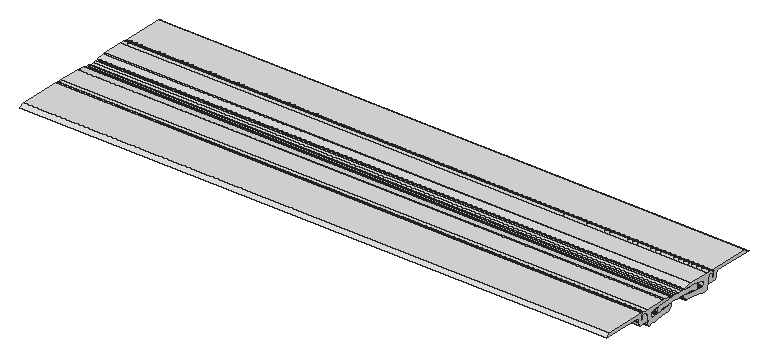
Revit family "Construction-Floors-Conecto-Aluminium Joints ALU AL.165.30", category Specialty Equipment, Revit 2015 (continued)
Definition of nested family "Standard"
  Automatic sketch dimensions
    Extrusion 25 sketch curve to Extrusion 25 sketch curve = 0.181 mm
    Extrusion 25 sketch curve to Extrusion 25 sketch curve = 0.71 mm
    Extrusion 25 sketch curve to Extrusion 25 sketch curve = 0.699 mm
    Extrusion 25 sketch curve to Extrusion 25 sketch curve = 0.638 mm
    Extrusion 25 sketch curve to Extrusion 25 sketch curve = 0.506 mm
    Extrusion 25 sketch curve to Extrusion 25 sketch curve = 0.373 mm
    Extrusion 25 sketch curve to Extrusion 25 sketch curve = 0.208 mm
    Extrusion 25 sketch curve to Extrusion 25 sketch curve = 0.144 mm
    Extrusion 25 sketch curve to Extrusion 25 sketch curve = 1.895 mm
    Extrusion 25 sketch curve to Extrusion 25 sketch curve = 0.735 mm
    Extrusion 25 sketch curve to Extrusion 25 sketch curve = 1.073 mm  (x2)
    Extrusion 25 sketch curve to Extrusion 25 sketch curve = 0.031 mm
    Extrusion 25 sketch curve to Extrusion 25 sketch curve = 0.237 mm
    Extrusion 25 sketch curve to Extrusion 25 sketch curve = 0.765 mm
    Extrusion 25 sketch curve to Extrusion 25 sketch curve = 1.007 mm
    plane 6 to Extrusion 26 sketch curve = 76.279 mm
    Extrusion 26 sketch curve to Extrusion 26 sketch curve = 0.134 mm
    Extrusion 26 sketch curve to Extrusion 26 sketch curve = 0.685 mm  (x2)
    Extrusion 26 sketch curve to Extrusion 26 sketch curve = 0.826 mm
    Extrusion 26 sketch curve to Extrusion 26 sketch curve = 1.425 mm
    Extrusion 26 sketch curve to Extrusion 26 sketch curve = 2.047 mm
    plane 6 to Extrusion 26 sketch curve = 16.442 mm
    Extrusion 26 sketch curve to Extrusion 26 sketch curve = 0.009 mm
    Extrusion 26 sketch curve to Extrusion 26 sketch curve = 0.041 mm
    Extrusion 26 sketch curve to Extrusion 26 sketch curve = 0.911 mm  (x2)
    Extrusion 26 sketch curve to Extrusion 26 sketch curve = 2.3 mm
    Extrusion 26 sketch curve to Extrusion 26 sketch curve = 2.339 mm
    Extrusion 26 sketch curve to Extrusion 26 sketch curve = 0.027 mm
    Extrusion 26 sketch curve to Extrusion 26 sketch curve = 0.499 mm
    Extrusion 26 sketch curve to Extrusion 26 sketch curve = 0.837 mm
    Extrusion 26 sketch curve to Extrusion 26 sketch curve = 0.786 mm  (x2)
    Extrusion 26 sketch curve to Extrusion 26 sketch curve = 0.774 mm  (x2)
    Extrusion 26 sketch curve to Extrusion 26 sketch curve = 0.425 mm
    Extrusion 26 sketch curve to Extrusion 26 sketch curve = 0.097 mm
    Extrusion 26 sketch curve to Extrusion 26 sketch curve = 0.246 mm  (x2)
    Extrusion 26 sketch curve to Extrusion 26 sketch curve = 0.831 mm
    Extrusion 26 sketch curve to Extrusion 26 sketch curve = 0.349 mm
    Extrusion 26 sketch curve to Extrusion 26 sketch curve = 0.778 mm
    Extrusion 26 sketch curve to Extrusion 26 sketch curve = 0.491 mm  (x2)
    plane 6 to Extrusion 26 sketch curve = 11.178 mm
    Extrusion 26 sketch curve to Extrusion 26 sketch curve = 0.697 mm
    Extrusion 26 sketch curve to Extrusion 26 sketch curve = 3.355 mm
    Extrusion 26 sketch curve to Extrusion 26 sketch curve = 0.719 mm
    Extrusion 26 sketch curve to Extrusion 26 sketch curve = 0.595 mm
    Extrusion 26 sketch curve to Extrusion 26 sketch curve = 0.672 mm
    Extrusion 26 sketch curve to Extrusion 26 sketch curve = 0.908 mm
    Extrusion 26 sketch curve to Extrusion 26 sketch curve = 1.394 mm
    Extrusion 26 sketch curve to Extrusion 26 sketch curve = 0.74 mm
    Extrusion 26 sketch curve to Extrusion 26 sketch curve = 0.885 mm  (x2)
    Extrusion 26 sketch curve to Extrusion 26 sketch curve = 0.607 mm
    Extrusion 26 sketch curve to Extrusion 26 sketch curve = 0.827 mm
    Extrusion 26 sketch curve to Extrusion 26 sketch curve = 0.459 mm
    Extrusion 26 sketch curve to Extrusion 26 sketch curve = 0.775 mm
    Extrusion 26 sketch curve to Extrusion 26 sketch curve = 1.332 mm
    Extrusion 26 sketch curve to Extrusion 26 sketch curve = 0.787 mm
    Extrusion 26 sketch curve to Extrusion 26 sketch curve = 4.161 mm
    Extrusion 26 sketch curve to Extrusion 26 sketch curve = 0.155 mm
    Extrusion 26 sketch curve to Extrusion 26 sketch curve = 2.645 mm
    Extrusion 26 sketch curve to Extrusion 26 sketch curve = 0.258 mm
    Extrusion 26 sketch curve to Extrusion 26 sketch curve = 0.789 mm
    Extrusion 26 sketch curve to Extrusion 26 sketch curve = 0.379 mm
    Extrusion 26 sketch curve to Extrusion 26 sketch curve = 1.017 mm
    Extrusion 26 sketch curve to Extrusion 26 sketch curve = 0.889 mm  (x2)
    Extrusion 26 sketch curve to Extrusion 26 sketch curve = 0.488 mm
    Extrusion 26 sketch curve to Extrusion 26 sketch curve = 0.741 mm
    Extrusion 26 sketch curve to Extrusion 26 sketch curve = 0.656 mm  (x2)
    Extrusion 26 sketch curve to Extrusion 26 sketch curve = 0.298 mm
    Extrusion 26 sketch curve to Extrusion 26 sketch curve = 0.877 mm
    Extrusion 26 sketch curve to Extrusion 26 sketch curve = 0.492 mm
    Extrusion 26 sketch curve to Extrusion 26 sketch curve = 0.714 mm
    Extrusion 26 sketch curve to Extrusion 26 sketch curve = 0.376 mm
    Extrusion 26 sketch curve to Extrusion 26 sketch curve = 0.776 mm
    Extrusion 26 sketch curve to Extrusion 26 sketch curve = 0.629 mm
    Extrusion 26 sketch curve to Extrusion 26 sketch curve = 0.721 mm
    Extrusion 26 sketch curve to Extrusion 26 sketch curve = 0.523 mm
    Extrusion 26 sketch curve to Extrusion 26 sketch curve = 0.922 mm
    Extrusion 26 sketch curve to Extrusion 26 sketch curve = 0.347 mm
    Extrusion 26 sketch curve to Extrusion 26 sketch curve = 0.484 mm
    Extrusion 26 sketch curve to Extrusion 26 sketch curve = 0.085 mm
    Extrusion 26 sketch curve to Extrusion 26 sketch curve = 0.931 mm
    Extrusion 26 sketch curve to Extrusion 26 sketch curve = 0.833 mm
    plane 6 to Extrusion 26 sketch curve = 2.043 mm  (x2)
    Extrusion 26 sketch curve to Extrusion 26 sketch curve = 0.81 mm
    plane 6 to Extrusion 26 sketch curve = 0.908 mm  (x2)
    plane 6 to Extrusion 26 sketch curve = 0.127 mm
    Extrusion 26 sketch curve to Extrusion 26 sketch curve = 4.284 mm
    Extrusion 26 sketch curve to Extrusion 26 sketch curve = 0.117 mm
    Extrusion 26 sketch curve to Extrusion 26 sketch curve = 0.37 mm
    Extrusion 26 sketch curve to Extrusion 26 sketch curve = 1.059 mm
    Extrusion 26 sketch curve to Extrusion 26 sketch curve = 1.033 mm
    Extrusion 26 sketch curve to Extrusion 26 sketch curve = 5.162 mm
    Extrusion 26 sketch curve to Extrusion 26 sketch curve = 0.794 mm
    Extrusion 26 sketch curve to Extrusion 26 sketch curve = 2.958 mm
    Extrusion 26 sketch curve to Extrusion 26 sketch curve = 0.406 mm
    Extrusion 26 sketch curve to Extrusion 26 sketch curve = 2.164 mm
    Extrusion 26 sketch curve to Extrusion 26 sketch curve = 0.749 mm
    Extrusion 26 sketch curve to Extrusion 26 sketch curve = 0.069 mm
    Extrusion 26 sketch curve to Extrusion 26 sketch curve = 0.151 mm
    Extrusion 26 sketch curve to Extrusion 26 sketch curve = 0.252 mm
    Extrusion 26 sketch curve to Extrusion 26 sketch curve = 0.38 mm
    Extrusion 26 sketch curve to Extrusion 26 sketch curve = 0.673 mm
    Extrusion 26 sketch curve to Extrusion 26 sketch curve = 3.295 mm  (x2)
    Extrusion 26 sketch curve to Extrusion 26 sketch curve = 0.993 mm
    Extrusion 26 sketch curve to Extrusion 26 sketch curve = 0.811 mm
    Extrusion 26 sketch curve to Extrusion 26 sketch curve = 0.804 mm
    Extrusion 26 sketch curve to Extrusion 26 sketch curve = 2.532 mm
    Extrusion 26 sketch curve to Extrusion 26 sketch curve = 0.302 mm
    Extrusion 26 sketch curve to Extrusion 26 sketch curve = 0.912 mm
    Extrusion 26 sketch curve to Extrusion 26 sketch curve = 0.917 mm
    Extrusion 26 sketch curve to Extrusion 26 sketch curve = 2.428 mm
    Extrusion 26 sketch curve to Extrusion 26 sketch curve = 0.795 mm
    Extrusion 26 sketch curve to Extrusion 26 sketch curve = 0.87 mm
    Extrusion 26 sketch curve to Extrusion 26 sketch curve = 2.001 mm
    Extrusion 26 sketch curve to Extrusion 26 sketch curve = 1.1 mm
    Extrusion 26 sketch curve to Extrusion 26 sketch curve = 1.105 mm
    Extrusion 26 sketch curve to Extrusion 26 sketch curve = 1.16 mm
    Extrusion 26 sketch curve to Extrusion 26 sketch curve = 0.798 mm
    Extrusion 26 sketch curve to Extrusion 26 sketch curve = 0.812 mm
    Extrusion 26 sketch curve to Extrusion 26 sketch curve = 1.3 mm
    Extrusion 26 sketch curve to Extrusion 26 sketch curve = 1.589 mm
    Extrusion 26 sketch curve to Extrusion 26 sketch curve = 0.729 mm
    Extrusion 26 sketch curve to Extrusion 26 sketch curve = 0.181 mm
    Extrusion 26 sketch curve to Extrusion 26 sketch curve = 0.71 mm
    Extrusion 26 sketch curve to Extrusion 26 sketch curve = 0.699 mm
    Extrusion 26 sketch curve to Extrusion 26 sketch curve = 0.638 mm
    Extrusion 26 sketch curve to Extrusion 26 sketch curve = 0.506 mm
    Extrusion 26 sketch curve to Extrusion 26 sketch curve = 0.373 mm
    Extrusion 26 sketch curve to Extrusion 26 sketch curve = 0.208 mm
    Extrusion 26 sketch curve to Extrusion 26 sketch curve = 0.144 mm
    Extrusion 26 sketch curve to Extrusion 26 sketch curve = 1.895 mm
    Extrusion 26 sketch curve to Extrusion 26 sketch curve = 0.735 mm
    Extrusion 26 sketch curve to Extrusion 26 sketch curve = 1.073 mm  (x2)
    Extrusion 26 sketch curve to Extrusion 26 sketch curve = 0.031 mm
    Extrusion 26 sketch curve to Extrusion 26 sketch curve = 0.237 mm
    Extrusion 26 sketch curve to Extrusion 26 sketch curve = 0.765 mm
    Extrusion 26 sketch curve to Extrusion 26 sketch curve = 2.288 mm
    Extrusion 27 sketch curve to plane 6 = 0 mm
    plane 6 to Extrusion 27 sketch curve = 0.317 mm
    plane 6 to Extrusion 27 sketch curve = 0.661 mm
    plane 6 to Extrusion 27 sketch curve = 0.997 mm
    Extrusion 27 sketch curve to Extrusion 27 sketch curve = 0.977 mm
    Extrusion 27 sketch curve to Extrusion 27 sketch curve = 1.018 mm
    Extrusion 27 sketch curve to Extrusion 27 sketch curve = 1.002 mm
    Extrusion 27 sketch curve to Extrusion 27 sketch curve = 1.162 mm
    Extrusion 27 sketch curve to Extrusion 27 sketch curve = 0.845 mm
    plane 6 to Extrusion 27 sketch curve = 6.802 mm
    Extrusion 27 sketch curve to Extrusion 27 sketch curve = 0.16 mm
    Extrusion 27 sketch curve to Extrusion 27 sketch curve = 1.009 mm
    Extrusion 27 sketch curve to Extrusion 27 sketch curve = 0.625 mm
    Extrusion 27 sketch curve to Extrusion 27 sketch curve = 0.516 mm
    Extrusion 27 sketch curve to Extrusion 27 sketch curve = 0.635 mm
    Extrusion 27 sketch curve to Extrusion 27 sketch curve = 0.289 mm
    Extrusion 27 sketch curve to Extrusion 27 sketch curve = 0.373 mm
    Extrusion 27 sketch curve to Extrusion 27 sketch curve = 0.077 mm
    Extrusion 27 sketch curve to Extrusion 27 sketch curve = 3.01 mm
    Extrusion 27 sketch curve to Extrusion 27 sketch curve = 0.17 mm
    Extrusion 27 sketch curve to Extrusion 27 sketch curve = 3.066 mm
    Extrusion 27 sketch curve to Extrusion 27 sketch curve = 1.906 mm
    Extrusion 27 sketch curve to Extrusion 27 sketch curve = 0.766 mm
    Extrusion 27 sketch curve to Extrusion 27 sketch curve = 0.379 mm
    Extrusion 27 sketch curve to Extrusion 27 sketch curve = 0.528 mm
    Extrusion 27 sketch curve to Extrusion 27 sketch curve = 0.965 mm
    Extrusion 27 sketch curve to Extrusion 27 sketch curve = 0.696 mm
    Extrusion 27 sketch curve to Extrusion 27 sketch curve = 0.241 mm
    Extrusion 27 sketch curve to Extrusion 27 sketch curve = 0.175 mm
    Extrusion 27 sketch curve to Extrusion 27 sketch curve = 2.045 mm
    Extrusion 27 sketch curve to Extrusion 27 sketch curve = 1.039 mm
    Extrusion 27 sketch curve to Extrusion 27 sketch curve = 1.103 mm
    Extrusion 27 sketch curve to Extrusion 27 sketch curve = 0.798 mm
    Extrusion 27 sketch curve to Extrusion 27 sketch curve = 0.732 mm
    Extrusion 27 sketch curve to Extrusion 27 sketch curve = 0.662 mm
    Extrusion 27 sketch curve to Extrusion 27 sketch curve = 0.349 mm
    Extrusion 27 sketch curve to Extrusion 27 sketch curve = 4.02 mm
    Extrusion 27 sketch curve to Extrusion 27 sketch curve = 0.832 mm
    Extrusion 27 sketch curve to Extrusion 27 sketch curve = 0.298 mm
    Extrusion 27 sketch curve to Extrusion 27 sketch curve = 0.306 mm
    Extrusion 27 sketch curve to Extrusion 27 sketch curve = 0.729 mm
    Extrusion 27 sketch curve to Extrusion 27 sketch curve = 0.775 mm
    Extrusion 27 sketch curve to Extrusion 27 sketch curve = 1.062 mm
    Extrusion 27 sketch curve to Extrusion 27 sketch curve = 1.113 mm
    Extrusion 27 sketch curve to Extrusion 27 sketch curve = 2.023 mm
    Extrusion 27 sketch curve to Extrusion 27 sketch curve = 54.732 mm
    Extrusion 27 sketch curve to Extrusion 27 sketch curve = 7.796 mm
    Extrusion 27 sketch curve to Extrusion 27 sketch curve = 0.76 mm
    Extrusion 27 sketch curve to Extrusion 27 sketch curve = 0.824 mm
    Extrusion 27 sketch curve to Extrusion 27 sketch curve = 0.907 mm
    Extrusion 27 sketch curve to Extrusion 27 sketch curve = 1.22 mm
    Extrusion 27 sketch curve to Extrusion 27 sketch curve = 2.629 mm
    Extrusion 27 sketch curve to Extrusion 27 sketch curve = 0.878 mm
    Extrusion 27 sketch curve to Extrusion 27 sketch curve = 0.93 mm
    Extrusion 27 sketch curve to Extrusion 27 sketch curve = 1.667 mm
    Extrusion 27 sketch curve to Extrusion 27 sketch curve = 1.629 mm
    Extrusion 27 sketch curve to Extrusion 27 sketch curve = 0.794 mm
    Extrusion 27 sketch curve to Extrusion 27 sketch curve = 0.971 mm
    Extrusion 27 sketch curve to Extrusion 27 sketch curve = 1.003 mm
    Extrusion 27 sketch curve to Extrusion 27 sketch curve = 0.737 mm
    Extrusion 27 sketch curve to Extrusion 27 sketch curve = 1.239 mm
    Extrusion 27 sketch curve to Extrusion 27 sketch curve = 0.423 mm
    Extrusion 27 sketch curve to Extrusion 27 sketch curve = 0.543 mm
    Extrusion 27 sketch curve to Extrusion 27 sketch curve = 0.849 mm
    Extrusion 27 sketch curve to Extrusion 27 sketch curve = 0.788 mm
    Extrusion 27 sketch curve to Extrusion 27 sketch curve = 0.386 mm
    Extrusion 27 sketch curve to Extrusion 27 sketch curve = 0.039 mm
    Extrusion 27 sketch curve to Extrusion 27 sketch curve = 0.749 mm
    Extrusion 27 sketch curve to Extrusion 27 sketch curve = 0.475 mm
    Extrusion 27 sketch curve to Extrusion 27 sketch curve = 0.394 mm
    Extrusion 27 sketch curve to Extrusion 27 sketch curve = 0.105 mm
    Extrusion 27 sketch curve to Extrusion 27 sketch curve = 1.841 mm
    Extrusion 27 sketch curve to Extrusion 27 sketch curve = 0.909 mm  (x2)
    Extrusion 27 sketch curve to Extrusion 27 sketch curve = 0.813 mm
    Extrusion 27 sketch curve to Extrusion 27 sketch curve = 0.946 mm
    Extrusion 27 sketch curve to Extrusion 27 sketch curve = 0.488 mm
    Extrusion 27 sketch curve to Extrusion 27 sketch curve = 1.614 mm
    plane 6 to Extrusion 28 sketch curve = 74.384 mm
    Extrusion 28 sketch curve to Extrusion 28 sketch curve = 0.43 mm
    Extrusion 28 sketch curve to Extrusion 28 sketch curve = 0.937 mm  (x2)
    Extrusion 28 sketch curve to Extrusion 28 sketch curve = 2.098 mm
    Extrusion 28 sketch curve to Extrusion 28 sketch curve = 1.054 mm  (x2)
    plane 6 to Extrusion 28 sketch curve = 17.576 mm
    Extrusion 28 sketch curve to Extrusion 28 sketch curve = 0.775 mm
    Extrusion 28 sketch curve to Extrusion 28 sketch curve = 0.377 mm
    Extrusion 28 sketch curve to Extrusion 28 sketch curve = 2.284 mm
    Extrusion 28 sketch curve to Extrusion 28 sketch curve = 0.065 mm
    Extrusion 28 sketch curve to Extrusion 28 sketch curve = 0.485 mm
    Extrusion 28 sketch curve to Extrusion 28 sketch curve = 0.623 mm  (x2)
    Extrusion 28 sketch curve to Extrusion 28 sketch curve = 1.105 mm
    Extrusion 28 sketch curve to Extrusion 28 sketch curve = 1.02 mm
    Extrusion 28 sketch curve to Extrusion 28 sketch curve = 0.107 mm
    Extrusion 28 sketch curve to Extrusion 28 sketch curve = 0.272 mm
    Extrusion 28 sketch curve to Extrusion 28 sketch curve = 0.182 mm
    Extrusion 28 sketch curve to Extrusion 28 sketch curve = 0.098 mm
    Extrusion 28 sketch curve to Extrusion 28 sketch curve = 0.591 mm
    Extrusion 28 sketch curve to Extrusion 28 sketch curve = 0.332 mm
    Extrusion 28 sketch curve to Extrusion 28 sketch curve = 0.589 mm
    Extrusion 28 sketch curve to Extrusion 28 sketch curve = 2.296 mm
    Extrusion 28 sketch curve to Extrusion 28 sketch curve = 4.118 mm
    Extrusion 28 sketch curve to Extrusion 28 sketch curve = 0.069 mm
    Extrusion 28 sketch curve to Extrusion 28 sketch curve = 0.189 mm
    Extrusion 28 sketch curve to Extrusion 28 sketch curve = 0.132 mm
    Extrusion 28 sketch curve to Extrusion 28 sketch curve = 0.433 mm
    Extrusion 28 sketch curve to Extrusion 28 sketch curve = 0.556 mm
    Extrusion 28 sketch curve to Extrusion 28 sketch curve = 0.586 mm
    Extrusion 28 sketch curve to Extrusion 28 sketch curve = 0.467 mm
    Extrusion 28 sketch curve to Extrusion 28 sketch curve = 0.54 mm
    Extrusion 28 sketch curve to Extrusion 28 sketch curve = 0.734 mm
    Extrusion 28 sketch curve to Extrusion 28 sketch curve = 0.731 mm
    Extrusion 28 sketch curve to Extrusion 28 sketch curve = 0.807 mm
    Extrusion 28 sketch curve to Extrusion 28 sketch curve = 0.833 mm
    Extrusion 28 sketch curve to Extrusion 28 sketch curve = 0.78 mm
    Extrusion 28 sketch curve to Extrusion 28 sketch curve = 0.732 mm
    Extrusion 28 sketch curve to Extrusion 28 sketch curve = 0.914 mm
    plane 6 to Extrusion 28 sketch curve = 0.641 mm
    plane 6 to Extrusion 28 sketch curve = 0.242 mm
    Extrusion 28 sketch curve to Extrusion 28 sketch curve = 0.531 mm
    Extrusion 28 sketch curve to Extrusion 28 sketch curve = 0.532 mm
    Extrusion 28 sketch curve to Extrusion 28 sketch curve = 0.709 mm
    Extrusion 28 sketch curve to Extrusion 28 sketch curve = 0.883 mm
    Extrusion 28 sketch curve to Extrusion 28 sketch curve = 0.643 mm
    Extrusion 28 sketch curve to Extrusion 28 sketch curve = 0.964 mm
    Extrusion 28 sketch curve to Extrusion 28 sketch curve = 0.834 mm
    Extrusion 28 sketch curve to Extrusion 28 sketch curve = 2.188 mm
    Extrusion 28 sketch curve to Extrusion 28 sketch curve = 0.784 mm
    Extrusion 28 sketch curve to Extrusion 28 sketch curve = 1.019 mm
    Extrusion 28 sketch curve to Extrusion 28 sketch curve = 0.89 mm
    Extrusion 28 sketch curve to Extrusion 28 sketch curve = 1.097 mm
    Extrusion 28 sketch curve to Extrusion 28 sketch curve = 0.938 mm
    Extrusion 28 sketch curve to Extrusion 28 sketch curve = 1.103 mm
    Extrusion 28 sketch curve to Extrusion 28 sketch curve = 0.798 mm
    Extrusion 28 sketch curve to Extrusion 28 sketch curve = 1.151 mm
    Extrusion 28 sketch curve to Extrusion 28 sketch curve = 0.621 mm
    Extrusion 28 sketch curve to Extrusion 28 sketch curve = 0.495 mm
    Extrusion 28 sketch curve to Extrusion 28 sketch curve = 0.64 mm
    Extrusion 28 sketch curve to Extrusion 28 sketch curve = 0.31 mm
    Extrusion 28 sketch curve to Extrusion 28 sketch curve = 0.281 mm
    Extrusion 28 sketch curve to Extrusion 28 sketch curve = 0.157 mm
    Extrusion 28 sketch curve to Extrusion 28 sketch curve = 0.166 mm
    Extrusion 28 sketch curve to Extrusion 28 sketch curve = 0.93 mm
    Extrusion 28 sketch curve to Extrusion 28 sketch curve = 1.828 mm
    Extrusion 28 sketch curve to Extrusion 28 sketch curve = 1.04 mm
    Extrusion 28 sketch curve to Extrusion 28 sketch curve = 0.911 mm
    Extrusion 28 sketch curve to Extrusion 28 sketch curve = 0.491 mm
    Extrusion 28 sketch curve to Extrusion 28 sketch curve = 1.053 mm
    Extrusion 28 sketch curve to Extrusion 28 sketch curve = 1.425 mm
    plane 6 to Extrusion 29 sketch curve = 74.364 mm
    Extrusion 29 sketch curve to Extrusion 29 sketch curve = 0.43 mm
    Extrusion 29 sketch curve to Extrusion 29 sketch curve = 2.098 mm
    Extrusion 29 sketch curve to Extrusion 29 sketch curve = 1.054 mm  (x2)
    plane 6 to Extrusion 29 sketch curve = 17.556 mm
    Extrusion 29 sketch curve to Extrusion 29 sketch curve = 0.775 mm
    Extrusion 29 sketch curve to Extrusion 29 sketch curve = 0.377 mm
    Extrusion 29 sketch curve to Extrusion 29 sketch curve = 2.284 mm
    Extrusion 29 sketch curve to Extrusion 29 sketch curve = 0.065 mm
    Extrusion 29 sketch curve to Extrusion 29 sketch curve = 0.485 mm
    Extrusion 29 sketch curve to Extrusion 29 sketch curve = 0.623 mm  (x2)
    Extrusion 29 sketch curve to Extrusion 29 sketch curve = 1.105 mm
    Extrusion 29 sketch curve to Extrusion 29 sketch curve = 1.02 mm
    Extrusion 29 sketch curve to Extrusion 29 sketch curve = 0.107 mm
    Extrusion 29 sketch curve to Extrusion 29 sketch curve = 0.272 mm
    Extrusion 29 sketch curve to Extrusion 29 sketch curve = 0.182 mm
    Extrusion 29 sketch curve to Extrusion 29 sketch curve = 0.098 mm
    Extrusion 29 sketch curve to Extrusion 29 sketch curve = 4.529 mm
    Extrusion 29 sketch curve to Extrusion 29 sketch curve = 0.102 mm
    Extrusion 29 sketch curve to Extrusion 29 sketch curve = 0.291 mm
    Extrusion 29 sketch curve to Extrusion 29 sketch curve = 0.591 mm
    Extrusion 29 sketch curve to Extrusion 29 sketch curve = 0.304 mm
    Extrusion 29 sketch curve to Extrusion 29 sketch curve = 0.332 mm
    Extrusion 29 sketch curve to Extrusion 29 sketch curve = 0.574 mm
    Extrusion 29 sketch curve to Extrusion 29 sketch curve = 0.589 mm
    Extrusion 29 sketch curve to Extrusion 29 sketch curve = 0.534 mm
    Extrusion 29 sketch curve to Extrusion 29 sketch curve = 0.778 mm
    Extrusion 29 sketch curve to Extrusion 29 sketch curve = 2.296 mm
    Extrusion 29 sketch curve to Extrusion 29 sketch curve = 1.352 mm
    Extrusion 29 sketch curve to Extrusion 29 sketch curve = 4.118 mm
    Extrusion 29 sketch curve to Extrusion 29 sketch curve = 0.069 mm
    Extrusion 29 sketch curve to Extrusion 29 sketch curve = 0.189 mm
    Extrusion 29 sketch curve to Extrusion 29 sketch curve = 0.132 mm
    Extrusion 29 sketch curve to Extrusion 29 sketch curve = 0.433 mm
    Extrusion 29 sketch curve to Extrusion 29 sketch curve = 1.397 mm
    Extrusion 29 sketch curve to Extrusion 29 sketch curve = 0.556 mm
    Extrusion 29 sketch curve to Extrusion 29 sketch curve = 0.586 mm
    Extrusion 29 sketch curve to Extrusion 29 sketch curve = 0.467 mm
    Extrusion 29 sketch curve to Extrusion 29 sketch curve = 0.54 mm
    Extrusion 29 sketch curve to Extrusion 29 sketch curve = 4.097 mm
    Extrusion 29 sketch curve to Extrusion 29 sketch curve = 0.116 mm
    Extrusion 29 sketch curve to Extrusion 29 sketch curve = 1.064 mm
    Extrusion 29 sketch curve to Extrusion 29 sketch curve = 0.693 mm
    Extrusion 29 sketch curve to Extrusion 29 sketch curve = 0.734 mm  (x2)
    Extrusion 29 sketch curve to Extrusion 29 sketch curve = 0.249 mm
    Extrusion 29 sketch curve to Extrusion 29 sketch curve = 0.731 mm
    Extrusion 29 sketch curve to Extrusion 29 sketch curve = 0.807 mm
    Extrusion 29 sketch curve to Extrusion 29 sketch curve = 0.833 mm
    Extrusion 29 sketch curve to Extrusion 29 sketch curve = 0.78 mm
    Extrusion 29 sketch curve to Extrusion 29 sketch curve = 0.732 mm
    Extrusion 29 sketch curve to Extrusion 29 sketch curve = 0.914 mm
    plane 6 to Extrusion 29 sketch curve = 0.621 mm
    plane 6 to Extrusion 29 sketch curve = 0.222 mm
    Extrusion 29 sketch curve to Extrusion 29 sketch curve = 0.006 mm
    Extrusion 29 sketch curve to Extrusion 29 sketch curve = 0.829 mm
    Extrusion 29 sketch curve to Extrusion 29 sketch curve = 0.931 mm
    Extrusion 29 sketch curve to Extrusion 29 sketch curve = 0.856 mm
    Extrusion 29 sketch curve to Extrusion 29 sketch curve = 0.688 mm
    Extrusion 29 sketch curve to Extrusion 29 sketch curve = 1.414 mm
    Extrusion 29 sketch curve to Extrusion 29 sketch curve = 0.532 mm
    Extrusion 29 sketch curve to Extrusion 29 sketch curve = 0.883 mm
    Extrusion 29 sketch curve to Extrusion 29 sketch curve = 0.643 mm
    Extrusion 29 sketch curve to Extrusion 29 sketch curve = 0.964 mm
    Extrusion 29 sketch curve to Extrusion 29 sketch curve = 0.834 mm
    Extrusion 29 sketch curve to Extrusion 29 sketch curve = 2.188 mm
    Extrusion 29 sketch curve to Extrusion 29 sketch curve = 0.784 mm
    Extrusion 29 sketch curve to Extrusion 29 sketch curve = 1.019 mm
    Extrusion 29 sketch curve to Extrusion 29 sketch curve = 0.89 mm
    Extrusion 29 sketch curve to Extrusion 29 sketch curve = 1.097 mm
    Extrusion 29 sketch curve to Extrusion 29 sketch curve = 0.938 mm
    Extrusion 29 sketch curve to Extrusion 29 sketch curve = 1.103 mm
    Extrusion 29 sketch curve to Extrusion 29 sketch curve = 0.798 mm
    Extrusion 29 sketch curve to Extrusion 29 sketch curve = 1.151 mm
    Extrusion 29 sketch curve to Extrusion 29 sketch curve = 0.621 mm
    Extrusion 29 sketch curve to Extrusion 29 sketch curve = 0.495 mm
    Extrusion 29 sketch curve to Extrusion 29 sketch curve = 0.64 mm
    Extrusion 29 sketch curve to Extrusion 29 sketch curve = 0.31 mm
    Extrusion 29 sketch curve to Extrusion 29 sketch curve = 0.281 mm
    Extrusion 29 sketch curve to Extrusion 29 sketch curve = 0.157 mm
    Extrusion 29 sketch curve to Extrusion 29 sketch curve = 0.166 mm
    Extrusion 29 sketch curve to Extrusion 29 sketch curve = 0.93 mm
    Extrusion 29 sketch curve to Extrusion 29 sketch curve = 1.828 mm
    Extrusion 29 sketch curve to Extrusion 29 sketch curve = 1.04 mm
    Extrusion 29 sketch curve to Extrusion 29 sketch curve = 0.911 mm
    Extrusion 29 sketch curve to Extrusion 29 sketch curve = 0.491 mm
    Extrusion 29 sketch curve to Extrusion 29 sketch curve = 1.053 mm
    Extrusion 29 sketch curve to Extrusion 29 sketch curve = 2.626 mm
    plane 6 to Extrusion 30 sketch curve = 74.226 mm
    Extrusion 30 sketch curve to Extrusion 30 sketch curve = 0.749 mm
    Extrusion 30 sketch curve to Extrusion 30 sketch curve = 1.78 mm
    Extrusion 30 sketch curve to Extrusion 30 sketch curve = 1.537 mm
    Extrusion 30 sketch curve to Extrusion 30 sketch curve = 1.854 mm
    plane 6 to Extrusion 30 sketch curve = 16.416 mm
    Extrusion 30 sketch curve to Extrusion 30 sketch curve = 0.43 mm
    Extrusion 30 sketch curve to Extrusion 30 sketch curve = 2.284 mm
    Extrusion 30 sketch curve to Extrusion 30 sketch curve = 0.065 mm
    Extrusion 30 sketch curve to Extrusion 30 sketch curve = 0.485 mm
    Extrusion 30 sketch curve to Extrusion 30 sketch curve = 0.623 mm  (x2)
    Extrusion 30 sketch curve to Extrusion 30 sketch curve = 3.012 mm
    Extrusion 30 sketch curve to Extrusion 30 sketch curve = 3.271 mm
    Extrusion 30 sketch curve to Extrusion 30 sketch curve = 1.105 mm
    Extrusion 30 sketch curve to Extrusion 30 sketch curve = 1.02 mm
    Extrusion 30 sketch curve to Extrusion 30 sketch curve = 0.107 mm
    Extrusion 30 sketch curve to Extrusion 30 sketch curve = 0.272 mm
    Extrusion 30 sketch curve to Extrusion 30 sketch curve = 0.182 mm
    Extrusion 30 sketch curve to Extrusion 30 sketch curve = 0.098 mm
    Extrusion 30 sketch curve to Extrusion 30 sketch curve = 0.803 mm
    Extrusion 30 sketch curve to Extrusion 30 sketch curve = 1.154 mm
    Extrusion 30 sketch curve to Extrusion 30 sketch curve = 0.591 mm  (x2)
    Extrusion 30 sketch curve to Extrusion 30 sketch curve = 1.054 mm
    Extrusion 30 sketch curve to Extrusion 30 sketch curve = 0.626 mm
    Extrusion 30 sketch curve to Extrusion 30 sketch curve = 0.332 mm
    Extrusion 30 sketch curve to Extrusion 30 sketch curve = 0.589 mm
    Extrusion 30 sketch curve to Extrusion 30 sketch curve = 0.908 mm
    Extrusion 30 sketch curve to Extrusion 30 sketch curve = 2.519 mm
    Extrusion 30 sketch curve to Extrusion 30 sketch curve = 2.296 mm
    Extrusion 30 sketch curve to Extrusion 30 sketch curve = 1.233 mm
    Extrusion 30 sketch curve to Extrusion 30 sketch curve = 4.118 mm
    Extrusion 30 sketch curve to Extrusion 30 sketch curve = 0.069 mm
    Extrusion 30 sketch curve to Extrusion 30 sketch curve = 0.189 mm
    Extrusion 30 sketch curve to Extrusion 30 sketch curve = 0.132 mm
    Extrusion 30 sketch curve to Extrusion 30 sketch curve = 1.181 mm
    Extrusion 30 sketch curve to Extrusion 30 sketch curve = 0.433 mm
    Extrusion 30 sketch curve to Extrusion 30 sketch curve = 0.556 mm
    Extrusion 30 sketch curve to Extrusion 30 sketch curve = 0.586 mm
    Extrusion 30 sketch curve to Extrusion 30 sketch curve = 2.086 mm
    Extrusion 30 sketch curve to Extrusion 30 sketch curve = 0.54 mm
    Extrusion 30 sketch curve to Extrusion 30 sketch curve = 1.13 mm
    Extrusion 30 sketch curve to Extrusion 30 sketch curve = 0.926 mm
    Extrusion 30 sketch curve to Extrusion 30 sketch curve = 0.734 mm
    Extrusion 30 sketch curve to Extrusion 30 sketch curve = 0.939 mm  (x2)
    Extrusion 30 sketch curve to Extrusion 30 sketch curve = 0.654 mm
    Extrusion 30 sketch curve to Extrusion 30 sketch curve = 0.731 mm
    Extrusion 30 sketch curve to Extrusion 30 sketch curve = 0.456 mm
    Extrusion 30 sketch curve to Extrusion 30 sketch curve = 0.807 mm
    Extrusion 30 sketch curve to Extrusion 30 sketch curve = 0.833 mm
    Extrusion 30 sketch curve to Extrusion 30 sketch curve = 0.78 mm
    Extrusion 30 sketch curve to Extrusion 30 sketch curve = 0.732 mm
    Extrusion 30 sketch curve to Extrusion 30 sketch curve = 0.914 mm
    plane 6 to Extrusion 30 sketch curve = 0.633 mm
    plane 6 to Extrusion 30 sketch curve = 0.234 mm
    Extrusion 30 sketch curve to Extrusion 30 sketch curve = 12.646 mm
    Extrusion 30 sketch curve to Extrusion 30 sketch curve = 1.028 mm
    Extrusion 30 sketch curve to Extrusion 30 sketch curve = 0.44 mm
    Extrusion 30 sketch curve to Extrusion 30 sketch curve = 0.145 mm
    Extrusion 30 sketch curve to Extrusion 30 sketch curve = 0.151 mm
    Extrusion 30 sketch curve to Extrusion 30 sketch curve = 0.462 mm
    Extrusion 30 sketch curve to Extrusion 30 sketch curve = 0.576 mm
    Extrusion 30 sketch curve to Extrusion 30 sketch curve = 0.472 mm
    Extrusion 30 sketch curve to Extrusion 30 sketch curve = 1.607 mm
    Extrusion 30 sketch curve to Extrusion 30 sketch curve = 1.617 mm
    Extrusion 30 sketch curve to Extrusion 30 sketch curve = 1.074 mm
    Extrusion 30 sketch curve to Extrusion 30 sketch curve = 0.934 mm
    Extrusion 30 sketch curve to Extrusion 30 sketch curve = 0.532 mm
    Extrusion 30 sketch curve to Extrusion 30 sketch curve = 0.883 mm
    Extrusion 30 sketch curve to Extrusion 30 sketch curve = 0.643 mm
    Extrusion 30 sketch curve to Extrusion 30 sketch curve = 0.161 mm
    Extrusion 30 sketch curve to Extrusion 30 sketch curve = 0.964 mm
    Extrusion 30 sketch curve to Extrusion 30 sketch curve = 0.834 mm
    Extrusion 30 sketch curve to Extrusion 30 sketch curve = 2.188 mm
    Extrusion 30 sketch curve to Extrusion 30 sketch curve = 0.784 mm
    Extrusion 30 sketch curve to Extrusion 30 sketch curve = 1.019 mm
    Extrusion 30 sketch curve to Extrusion 30 sketch curve = 0.89 mm
    Extrusion 30 sketch curve to Extrusion 30 sketch curve = 1.097 mm
    Extrusion 30 sketch curve to Extrusion 30 sketch curve = 0.938 mm
    Extrusion 30 sketch curve to Extrusion 30 sketch curve = 1.103 mm
    Extrusion 30 sketch curve to Extrusion 30 sketch curve = 0.798 mm
    Extrusion 30 sketch curve to Extrusion 30 sketch curve = 1.151 mm
    Extrusion 30 sketch curve to Extrusion 30 sketch curve = 0.621 mm
    Extrusion 30 sketch curve to Extrusion 30 sketch curve = 0.495 mm
    Extrusion 30 sketch curve to Extrusion 30 sketch curve = 0.64 mm
    Extrusion 30 sketch curve to Extrusion 30 sketch curve = 0.31 mm
    Extrusion 30 sketch curve to Extrusion 30 sketch curve = 0.281 mm
    Extrusion 30 sketch curve to Extrusion 30 sketch curve = 0.157 mm
    Extrusion 30 sketch curve to Extrusion 30 sketch curve = 0.166 mm
    Extrusion 30 sketch curve to Extrusion 30 sketch curve = 0.93 mm
    Extrusion 30 sketch curve to Extrusion 30 sketch curve = 1.828 mm
    Extrusion 30 sketch curve to Extrusion 30 sketch curve = 1.04 mm
    Extrusion 30 sketch curve to Extrusion 30 sketch curve = 0.911 mm
    Extrusion 30 sketch curve to Extrusion 30 sketch curve = 0.491 mm
    Extrusion 30 sketch curve to Extrusion 30 sketch curve = 1.053 mm
    Extrusion 30 sketch curve to Extrusion 30 sketch curve = 2.626 mm
    Extrusion 11 sketch curve to Extrusion 11 sketch curve = 2.658 mm
    Extrusion 11 sketch curve to Extrusion 11 sketch curve = 0.053 mm
    Extrusion 11 sketch curve to Extrusion 11 sketch curve = 0.474 mm
    Extrusion 11 sketch curve to Extrusion 11 sketch curve = 0.497 mm
    Extrusion 11 sketch curve to Extrusion 11 sketch curve = 0.226 mm
    Extrusion 11 sketch curve to Extrusion 11 sketch curve = 2.262 mm
    Extrusion 11 sketch curve to Extrusion 11 sketch curve = 1.086 mm
    Extrusion 11 sketch curve to Extrusion 11 sketch curve = 3.872 mm
    Extrusion 11 sketch curve to Extrusion 11 sketch curve = 0.315 mm
    Extrusion 11 sketch curve to Extrusion 11 sketch curve = 0.382 mm
    Extrusion 11 sketch curve to Extrusion 11 sketch curve = 0.738 mm
    Extrusion 11 sketch curve to Extrusion 11 sketch curve = 0.923 mm
    Extrusion 11 sketch curve to Extrusion 11 sketch curve = 0.962 mm
    Extrusion 12 sketch curve to Extrusion 12 sketch curve = 0.78 mm
    Extrusion 12 sketch curve to Extrusion 12 sketch curve = 4.497 mm
    Extrusion 12 sketch curve to Extrusion 12 sketch curve = 0.474 mm
    Extrusion 12 sketch curve to Extrusion 12 sketch curve = 0.497 mm
    Extrusion 12 sketch curve to Extrusion 12 sketch curve = 0.302 mm
    Extrusion 12 sketch curve to Extrusion 12 sketch curve = 2.262 mm
    Extrusion 12 sketch curve to Extrusion 12 sketch curve = 1.086 mm
    Extrusion 12 sketch curve to Extrusion 12 sketch curve = 3.646 mm
    Extrusion 12 sketch curve to Extrusion 12 sketch curve = 0.315 mm
    Extrusion 12 sketch curve to Extrusion 12 sketch curve = 0.382 mm
    Extrusion 12 sketch curve to Extrusion 12 sketch curve = 0.738 mm
    Extrusion 12 sketch curve to Extrusion 12 sketch curve = 0.923 mm
    Extrusion 12 sketch curve to Extrusion 12 sketch curve = 0.962 mm
    Extrusion 13 sketch curve to Extrusion 13 sketch curve = 0.175 mm
    Extrusion 13 sketch curve to Extrusion 13 sketch curve = 0.78 mm
    Extrusion 13 sketch curve to Extrusion 13 sketch curve = 4.497 mm
    Extrusion 13 sketch curve to Extrusion 13 sketch curve = 0.474 mm
    Extrusion 13 sketch curve to Extrusion 13 sketch curve = 0.226 mm
    Extrusion 13 sketch curve to Extrusion 13 sketch curve = 2.262 mm
    Extrusion 13 sketch curve to Extrusion 13 sketch curve = 1.086 mm
    Extrusion 13 sketch curve to Extrusion 13 sketch curve = 3.872 mm
    Extrusion 13 sketch curve to Extrusion 13 sketch curve = 0.315 mm
    Extrusion 13 sketch curve to Extrusion 13 sketch curve = 0.382 mm
    Extrusion 13 sketch curve to Extrusion 13 sketch curve = 0.738 mm
    Extrusion 13 sketch curve to Extrusion 13 sketch curve = 0.923 mm
    Extrusion 13 sketch curve to Extrusion 13 sketch curve = 0.962 mm
    Extrusion 14 sketch curve to Extrusion 14 sketch curve = 0.268 mm
    Extrusion 14 sketch curve to Extrusion 14 sketch curve = 0.78 mm
    Extrusion 14 sketch curve to Extrusion 14 sketch curve = 4.497 mm
    Extrusion 14 sketch curve to Extrusion 14 sketch curve = 0.474 mm
    Extrusion 14 sketch curve to Extrusion 14 sketch curve = 0.226 mm
    Extrusion 14 sketch curve to Extrusion 14 sketch curve = 2.262 mm
    Extrusion 14 sketch curve to Extrusion 14 sketch curve = 1.086 mm
    Extrusion 14 sketch curve to Extrusion 14 sketch curve = 3.872 mm
    Extrusion 14 sketch curve to Extrusion 14 sketch curve = 0.315 mm
    Extrusion 14 sketch curve to Extrusion 14 sketch curve = 0.382 mm
    Extrusion 14 sketch curve to Extrusion 14 sketch curve = 0.738 mm
    Extrusion 14 sketch curve to Extrusion 14 sketch curve = 0.923 mm
    Extrusion 14 sketch curve to Extrusion 14 sketch curve = 0.962 mm
    Extrusion 15 sketch curve to Extrusion 15 sketch curve = 0.175 mm
    Extrusion 15 sketch curve to Extrusion 15 sketch curve = 0.578 mm
    Extrusion 15 sketch curve to Extrusion 15 sketch curve = 1.911 mm
    Extrusion 15 sketch curve to Extrusion 15 sketch curve = 0.78 mm
    Extrusion 15 sketch curve to Extrusion 15 sketch curve = 4.497 mm
    Extrusion 15 sketch curve to Extrusion 15 sketch curve = 0.474 mm
    Extrusion 15 sketch curve to Extrusion 15 sketch curve = 0.497 mm
    Extrusion 15 sketch curve to Extrusion 15 sketch curve = 0.302 mm
    Extrusion 15 sketch curve to Extrusion 15 sketch curve = 2.262 mm
    Extrusion 15 sketch curve to Extrusion 15 sketch curve = 1.086 mm
    Extrusion 15 sketch curve to Extrusion 15 sketch curve = 3.646 mm
    Extrusion 15 sketch curve to Extrusion 15 sketch curve = 0.315 mm
    Extrusion 15 sketch curve to Extrusion 15 sketch curve = 0.382 mm
    Extrusion 15 sketch curve to Extrusion 15 sketch curve = 0.738 mm
    Extrusion 15 sketch curve to Extrusion 15 sketch curve = 0.923 mm
    Extrusion 15 sketch curve to Extrusion 15 sketch curve = 0.962 mm
    Extrusion 16 sketch curve to Extrusion 16 sketch curve = 0.175 mm
    Extrusion 16 sketch curve to Extrusion 16 sketch curve = 0.578 mm
    Extrusion 16 sketch curve to Extrusion 16 sketch curve = 1.911 mm
    Extrusion 16 sketch curve to Extrusion 16 sketch curve = 8.655 mm
    Extrusion 16 sketch curve to Extrusion 16 sketch curve = 0.78 mm
    Extrusion 16 sketch curve to Extrusion 16 sketch curve = 0.601 mm
    Extrusion 16 sketch curve to Extrusion 16 sketch curve = 4.497 mm
    Extrusion 16 sketch curve to Extrusion 16 sketch curve = 0.474 mm
    Extrusion 16 sketch curve to Extrusion 16 sketch curve = 0.226 mm
    Extrusion 16 sketch curve to Extrusion 16 sketch curve = 2.262 mm
    Extrusion 16 sketch curve to Extrusion 16 sketch curve = 1.086 mm
    Extrusion 16 sketch curve to Extrusion 16 sketch curve = 3.872 mm
    Extrusion 16 sketch curve to Extrusion 16 sketch curve = 0.315 mm
    Extrusion 16 sketch curve to Extrusion 16 sketch curve = 0.382 mm
    Extrusion 16 sketch curve to Extrusion 16 sketch curve = 0.738 mm
    Extrusion 16 sketch curve to Extrusion 16 sketch curve = 0.923 mm
    Extrusion 16 sketch curve to Extrusion 16 sketch curve = 0.962 mm
    Extrusion 17 sketch curve to Extrusion 17 sketch curve = 0.355 mm
    Extrusion 17 sketch curve to Extrusion 17 sketch curve = 4.167 mm
    Extrusion 17 sketch curve to Extrusion 17 sketch curve = 0.341 mm
    Extrusion 17 sketch curve to Extrusion 17 sketch curve = 0.719 mm
    Extrusion 17 sketch curve to Extrusion 17 sketch curve = 2.167 mm
    Extrusion 17 sketch curve to Extrusion 17 sketch curve = 1.133 mm
    Extrusion 17 sketch curve to Extrusion 17 sketch curve = 3.927 mm
    Extrusion 17 sketch curve to Extrusion 17 sketch curve = 3.412 mm
    Extrusion 17 sketch curve to Extrusion 17 sketch curve = 1.229 mm
    Extrusion 17 sketch curve to Extrusion 17 sketch curve = 0.386 mm
    Extrusion 17 sketch curve to Extrusion 17 sketch curve = 1.093 mm
    Extrusion 18 sketch curve to Extrusion 18 sketch curve = 0.688 mm
    Extrusion 18 sketch curve to Extrusion 18 sketch curve = 0.764 mm
    Extrusion 18 sketch curve to Extrusion 18 sketch curve = 0.111 mm
    Extrusion 18 sketch curve to Extrusion 18 sketch curve = 0.202 mm
    Extrusion 18 sketch curve to Extrusion 18 sketch curve = 0.252 mm
    Extrusion 18 sketch curve to Extrusion 18 sketch curve = 1.586 mm
    Extrusion 18 sketch curve to Extrusion 18 sketch curve = 3.306 mm
    Extrusion 19 sketch curve to Extrusion 19 sketch curve = 0.709 mm  (x2)
    Extrusion 19 sketch curve to Extrusion 19 sketch curve = 0.793 mm
    Extrusion 19 sketch curve to Extrusion 19 sketch curve = 3.054 mm
    Extrusion 19 sketch curve to Extrusion 19 sketch curve = 0.827 mm
    Extrusion 19 sketch curve to Extrusion 19 sketch curve = 1.261 mm
    Extrusion 19 sketch curve to Extrusion 19 sketch curve = 0.764 mm
    Extrusion 19 sketch curve to Extrusion 19 sketch curve = 1.458 mm
    Extrusion 19 sketch curve to Extrusion 19 sketch curve = 1.614 mm
    Extrusion 19 sketch curve to Extrusion 19 sketch curve = 0.252 mm
    Extrusion 19 sketch curve to Extrusion 19 sketch curve = 0.862 mm
    Extrusion 19 sketch curve to Extrusion 19 sketch curve = 0.566 mm
    Extrusion 19 sketch curve to Extrusion 19 sketch curve = 0.312 mm
    Extrusion 19 sketch curve to Extrusion 19 sketch curve = 2.024 mm
    Extrusion 19 sketch curve to Extrusion 19 sketch curve = 3.517 mm
    Extrusion 19 sketch curve to Extrusion 19 sketch curve = 0.531 mm
    Extrusion 19 sketch curve to Extrusion 19 sketch curve = 1.586 mm
    Extrusion 19 sketch curve to Extrusion 19 sketch curve = 3.306 mm
    Extrusion 20 sketch curve to Extrusion 20 sketch curve = 0.162 mm
    Extrusion 20 sketch curve to Extrusion 20 sketch curve = 0.349 mm
    Extrusion 20 sketch curve to Extrusion 20 sketch curve = 2.475 mm
    Extrusion 20 sketch curve to Extrusion 20 sketch curve = 0.603 mm
    Extrusion 20 sketch curve to Extrusion 20 sketch curve = 5.735 mm
    Extrusion 20 sketch curve to Extrusion 20 sketch curve = 0.144 mm
    Extrusion 20 sketch curve to Extrusion 20 sketch curve = 0.443 mm
    Extrusion 20 sketch curve to Extrusion 20 sketch curve = 3.992 mm
    Extrusion 20 sketch curve to Extrusion 20 sketch curve = 4.619 mm
    Extrusion 20 sketch curve to Extrusion 20 sketch curve = 0.531 mm
    Extrusion 20 sketch curve to Extrusion 20 sketch curve = 1.586 mm
    Extrusion 20 sketch curve to Extrusion 20 sketch curve = 3.306 mm
    Extrusion 1 sketch curve to Extrusion 1 sketch curve = 4.124 mm
    Extrusion 1 sketch curve to Extrusion 1 sketch curve = 0.535 mm
    Extrusion 1 sketch curve to Extrusion 1 sketch curve = 0.686 mm
    Extrusion 1 sketch curve to Extrusion 1 sketch curve = 1.083 mm
    Extrusion 1 sketch curve to Extrusion 1 sketch curve = 1.011 mm
    Extrusion 1 sketch curve to Extrusion 1 sketch curve = 0.832 mm
    Extrusion 1 sketch curve to Extrusion 1 sketch curve = 0.884 mm
    Extrusion 2 sketch curve to Extrusion 2 sketch curve = 4.124 mm
    Extrusion 2 sketch curve to Extrusion 2 sketch curve = 0.535 mm
    Extrusion 2 sketch curve to Extrusion 2 sketch curve = 0.686 mm
    Extrusion 2 sketch curve to Extrusion 2 sketch curve = 1.083 mm
    Extrusion 2 sketch curve to Extrusion 2 sketch curve = 1.011 mm
    Extrusion 2 sketch curve to Extrusion 2 sketch curve = 0.832 mm
    Extrusion 2 sketch curve to Extrusion 2 sketch curve = 0.884 mm
    Extrusion 3 sketch curve to Extrusion 3 sketch curve = 4.124 mm
    Extrusion 3 sketch curve to Extrusion 3 sketch curve = 0.535 mm
    Extrusion 3 sketch curve to Extrusion 3 sketch curve = 0.686 mm
    Extrusion 3 sketch curve to Extrusion 3 sketch curve = 1.083 mm
    Extrusion 3 sketch curve to Extrusion 3 sketch curve = 1.011 mm
    Extrusion 3 sketch curve to Extrusion 3 sketch curve = 0.832 mm
    Extrusion 3 sketch curve to Extrusion 3 sketch curve = 0.884 mm
    Extrusion 4 sketch curve to Extrusion 4 sketch curve = 4.124 mm
    Extrusion 4 sketch curve to Extrusion 4 sketch curve = 0.535 mm
    Extrusion 4 sketch curve to Extrusion 4 sketch curve = 0.686 mm
    Extrusion 4 sketch curve to Extrusion 4 sketch curve = 1.083 mm
    Extrusion 4 sketch curve to Extrusion 4 sketch curve = 1.011 mm
    Extrusion 4 sketch curve to Extrusion 4 sketch curve = 0.832 mm
    Extrusion 4 sketch curve to Extrusion 4 sketch curve = 0.884 mm
    Extrusion 5 sketch curve to Extrusion 5 sketch curve = 4.124 mm
    Extrusion 5 sketch curve to Extrusion 5 sketch curve = 0.535 mm
    Extrusion 5 sketch curve to Extrusion 5 sketch curve = 0.686 mm
    Extrusion 5 sketch curve to Extrusion 5 sketch curve = 1.083 mm
    Extrusion 5 sketch curve to Extrusion 5 sketch curve = 1.011 mm
    Extrusion 5 sketch curve to Extrusion 5 sketch curve = 0.832 mm
    Extrusion 5 sketch curve to Extrusion 5 sketch curve = 0.884 mm
    Extrusion 6 sketch curve to Extrusion 6 sketch curve = 4.124 mm
    Extrusion 6 sketch curve to Extrusion 6 sketch curve = 0.535 mm
    Extrusion 6 sketch curve to Extrusion 6 sketch curve = 0.686 mm
    Extrusion 6 sketch curve to Extrusion 6 sketch curve = 1.083 mm
    Extrusion 6 sketch curve to Extrusion 6 sketch curve = 1.011 mm
    Extrusion 6 sketch curve to Extrusion 6 sketch curve = 0.832 mm
    Extrusion 6 sketch curve to Extrusion 6 sketch curve = 0.884 mm
    Extrusion 7 sketch curve to Extrusion 7 sketch curve = 4.124 mm
    Extrusion 7 sketch curve to Extrusion 7 sketch curve = 0.535 mm
    Extrusion 7 sketch curve to Extrusion 7 sketch curve = 0.686 mm
    Extrusion 7 sketch curve to Extrusion 7 sketch curve = 1.083 mm
    Extrusion 7 sketch curve to Extrusion 7 sketch curve = 1.011 mm
    Extrusion 7 sketch curve to Extrusion 7 sketch curve = 0.832 mm
    Extrusion 7 sketch curve to Extrusion 7 sketch curve = 0.884 mm
    Extrusion 8 sketch curve to Extrusion 8 sketch curve = 4.124 mm
    Extrusion 8 sketch curve to Extrusion 8 sketch curve = 0.535 mm
    Extrusion 8 sketch curve to Extrusion 8 sketch curve = 0.686 mm
    Extrusion 8 sketch curve to Extrusion 8 sketch curve = 1.083 mm
    Extrusion 8 sketch curve to Extrusion 8 sketch curve = 1.011 mm
    Extrusion 8 sketch curve to Extrusion 8 sketch curve = 0.832 mm
    Extrusion 8 sketch curve to Extrusion 8 sketch curve = 0.884 mm
    Extrusion 9 sketch curve to Extrusion 9 sketch curve = 4.124 mm
    Extrusion 9 sketch curve to Extrusion 9 sketch curve = 0.535 mm
    Extrusion 9 sketch curve to Extrusion 9 sketch curve = 0.686 mm
    Extrusion 9 sketch curve to Extrusion 9 sketch curve = 1.083 mm
    Extrusion 9 sketch curve to Extrusion 9 sketch curve = 1.011 mm
    Extrusion 9 sketch curve to Extrusion 9 sketch curve = 0.832 mm
    Extrusion 9 sketch curve to Extrusion 9 sketch curve = 0.884 mm
    Extrusion 10 sketch curve to Extrusion 10 sketch curve = 4.124 mm
    Extrusion 10 sketch curve to Extrusion 10 sketch curve = 0.535 mm
    Extrusion 10 sketch curve to Extrusion 10 sketch curve = 0.686 mm
    Extrusion 10 sketch curve to Extrusion 10 sketch curve = 1.083 mm
    Extrusion 10 sketch curve to Extrusion 10 sketch curve = 1.011 mm
    Extrusion 10 sketch curve to Extrusion 10 sketch curve = 0.832 mm
    Extrusion 10 sketch curve to Extrusion 10 sketch curve = 0.884 mm
    Extrusion 21 sketch curve to Extrusion 21 sketch curve = 2.658 mm
    Extrusion 21 sketch curve to Extrusion 21 sketch curve = 0.053 mm
    Extrusion 21 sketch curve to Extrusion 21 sketch curve = 0.474 mm
    Extrusion 21 sketch curve to Extrusion 21 sketch curve = 0.497 mm
    Extrusion 21 sketch curve to Extrusion 21 sketch curve = 0.226 mm
    Extrusion 21 sketch curve to Extrusion 21 sketch curve = 2.262 mm
    Extrusion 21 sketch curve to Extrusion 21 sketch curve = 1.086 mm
    Extrusion 21 sketch curve to Extrusion 21 sketch curve = 3.872 mm
    Extrusion 21 sketch curve to Extrusion 21 sketch curve = 0.315 mm
    Extrusion 21 sketch curve to Extrusion 21 sketch curve = 0.382 mm
    Extrusion 21 sketch curve to Extrusion 21 sketch curve = 0.738 mm
    Extrusion 21 sketch curve to Extrusion 21 sketch curve = 0.923 mm
    Extrusion 21 sketch curve to Extrusion 21 sketch curve = 0.962 mm
    Extrusion 22 sketch curve to Extrusion 22 sketch curve = 0.78 mm
    Extrusion 22 sketch curve to Extrusion 22 sketch curve = 4.497 mm
    Extrusion 22 sketch curve to Extrusion 22 sketch curve = 0.474 mm
    Extrusion 22 sketch curve to Extrusion 22 sketch curve = 0.497 mm
    Extrusion 22 sketch curve to Extrusion 22 sketch curve = 0.302 mm
    Extrusion 22 sketch curve to Extrusion 22 sketch curve = 2.262 mm
    Extrusion 22 sketch curve to Extrusion 22 sketch curve = 1.086 mm
    Extrusion 22 sketch curve to Extrusion 22 sketch curve = 3.646 mm
    Extrusion 22 sketch curve to Extrusion 22 sketch curve = 0.315 mm
    Extrusion 22 sketch curve to Extrusion 22 sketch curve = 0.382 mm
    Extrusion 22 sketch curve to Extrusion 22 sketch curve = 0.738 mm
    Extrusion 22 sketch curve to Extrusion 22 sketch curve = 0.923 mm
    Extrusion 22 sketch curve to Extrusion 22 sketch curve = 0.962 mm
    Extrusion 23 sketch curve to Extrusion 23 sketch curve = 0.175 mm
    Extrusion 23 sketch curve to Extrusion 23 sketch curve = 0.78 mm
    Extrusion 23 sketch curve to Extrusion 23 sketch curve = 4.497 mm
    Extrusion 23 sketch curve to Extrusion 23 sketch curve = 0.474 mm
    Extrusion 23 sketch curve to Extrusion 23 sketch curve = 0.226 mm
    Extrusion 23 sketch curve to Extrusion 23 sketch curve = 2.262 mm
    Extrusion 23 sketch curve to Extrusion 23 sketch curve = 1.086 mm
    Extrusion 23 sketch curve to Extrusion 23 sketch curve = 3.872 mm
    Extrusion 23 sketch curve to Extrusion 23 sketch curve = 0.315 mm
    Extrusion 23 sketch curve to Extrusion 23 sketch curve = 0.382 mm
    Extrusion 23 sketch curve to Extrusion 23 sketch curve = 0.738 mm
    Extrusion 23 sketch curve to Extrusion 23 sketch curve = 0.923 mm
    Extrusion 23 sketch curve to Extrusion 23 sketch curve = 0.962 mm
    Extrusion 24 sketch curve to Extrusion 24 sketch curve = 0.268 mm
    Extrusion 24 sketch curve to Extrusion 24 sketch curve = 0.78 mm
    Extrusion 24 sketch curve to Extrusion 24 sketch curve = 4.497 mm
    Extrusion 24 sketch curve to Extrusion 24 sketch curve = 0.474 mm
    Extrusion 24 sketch curve to Extrusion 24 sketch curve = 0.226 mm
    Extrusion 24 sketch curve to Extrusion 24 sketch curve = 2.262 mm
    Extrusion 24 sketch curve to Extrusion 24 sketch curve = 1.086 mm
    Extrusion 24 sketch curve to Extrusion 24 sketch curve = 3.872 mm
    Extrusion 24 sketch curve to Extrusion 24 sketch curve = 0.315 mm
    Extrusion 24 sketch curve to Extrusion 24 sketch curve = 0.382 mm
    Extrusion 24 sketch curve to Extrusion 24 sketch curve = 0.738 mm
    Extrusion 24 sketch curve to Extrusion 24 sketch curve = 0.923 mm
    Extrusion 24 sketch curve to Extrusion 24 sketch curve = 0.962 mm
    Extrusion 25 sketch curve to Extrusion 25 sketch curve = 0.175 mm
    Extrusion 25 sketch curve to Extrusion 25 sketch curve = 0.578 mm
    Extrusion 25 sketch curve to Extrusion 25 sketch curve = 1.911 mm
    Extrusion 25 sketch curve to Extrusion 25 sketch curve = 0.78 mm
    Extrusion 25 sketch curve to Extrusion 25 sketch curve = 4.497 mm
    Extrusion 25 sketch curve to Extrusion 25 sketch curve = 0.474 mm
    Extrusion 25 sketch curve to Extrusion 25 sketch curve = 0.497 mm
    Extrusion 25 sketch curve to Extrusion 25 sketch curve = 0.302 mm
    Extrusion 25 sketch curve to Extrusion 25 sketch curve = 2.262 mm
    Extrusion 25 sketch curve to Extrusion 25 sketch curve = 1.086 mm
    Extrusion 25 sketch curve to Extrusion 25 sketch curve = 3.646 mm
    Extrusion 25 sketch curve to Extrusion 25 sketch curve = 0.315 mm
    Extrusion 25 sketch curve to Extrusion 25 sketch curve = 0.382 mm
    Extrusion 25 sketch curve to Extrusion 25 sketch curve = 0.738 mm
    Extrusion 25 sketch curve to Extrusion 25 sketch curve = 0.923 mm
    Extrusion 25 sketch curve to Extrusion 25 sketch curve = 0.962 mm
    Extrusion 26 sketch curve to Extrusion 26 sketch curve = 0.175 mm
    Extrusion 26 sketch curve to Extrusion 26 sketch curve = 0.578 mm
    Extrusion 26 sketch curve to Extrusion 26 sketch curve = 1.911 mm
    Extrusion 26 sketch curve to Extrusion 26 sketch curve = 8.655 mm
    Extrusion 26 sketch curve to Extrusion 26 sketch curve = 0.78 mm
    Extrusion 26 sketch curve to Extrusion 26 sketch curve = 0.601 mm
    Extrusion 26 sketch curve to Extrusion 26 sketch curve = 4.497 mm
    Extrusion 26 sketch curve to Extrusion 26 sketch curve = 0.474 mm
    Extrusion 26 sketch curve to Extrusion 26 sketch curve = 0.226 mm
    Extrusion 26 sketch curve to Extrusion 26 sketch curve = 2.262 mm
    Extrusion 26 sketch curve to Extrusion 26 sketch curve = 1.086 mm
    Extrusion 26 sketch curve to Extrusion 26 sketch curve = 3.872 mm
    Extrusion 26 sketch curve to Extrusion 26 sketch curve = 0.315 mm
    Extrusion 26 sketch curve to Extrusion 26 sketch curve = 0.382 mm
    Extrusion 26 sketch curve to Extrusion 26 sketch curve = 0.738 mm
    Extrusion 26 sketch curve to Extrusion 26 sketch curve = 0.923 mm
    Extrusion 26 sketch curve to Extrusion 26 sketch curve = 0.962 mm
    Extrusion 27 sketch curve to Extrusion 27 sketch curve = 0.355 mm
    Extrusion 27 sketch curve to Extrusion 27 sketch curve = 4.167 mm
    Extrusion 27 sketch curve to Extrusion 27 sketch curve = 0.341 mm
    Extrusion 27 sketch curve to Extrusion 27 sketch curve = 0.719 mm
    Extrusion 27 sketch curve to Extrusion 27 sketch curve = 2.167 mm
    Extrusion 27 sketch curve to Extrusion 27 sketch curve = 1.133 mm
    Extrusion 27 sketch curve to Extrusion 27 sketch curve = 3.927 mm
    Extrusion 27 sketch curve to Extrusion 27 sketch curve = 3.412 mm
    Extrusion 27 sketch curve to Extrusion 27 sketch curve = 1.229 mm
    Extrusion 27 sketch curve to Extrusion 27 sketch curve = 1.093 mm
    Extrusion 28 sketch curve to Extrusion 28 sketch curve = 0.688 mm
    Extrusion 28 sketch curve to Extrusion 28 sketch curve = 0.764 mm
    Extrusion 28 sketch curve to Extrusion 28 sketch curve = 0.111 mm
    Extrusion 28 sketch curve to Extrusion 28 sketch curve = 0.202 mm
    Extrusion 28 sketch curve to Extrusion 28 sketch curve = 0.252 mm
    Extrusion 28 sketch curve to Extrusion 28 sketch curve = 1.586 mm
    Extrusion 28 sketch curve to Extrusion 28 sketch curve = 3.306 mm
    Extrusion 29 sketch curve to Extrusion 29 sketch curve = 0.709 mm  (x2)
    Extrusion 29 sketch curve to Extrusion 29 sketch curve = 0.793 mm
    Extrusion 29 sketch curve to Extrusion 29 sketch curve = 3.054 mm
    Extrusion 29 sketch curve to Extrusion 29 sketch curve = 0.827 mm
    Extrusion 29 sketch curve to Extrusion 29 sketch curve = 1.261 mm
    Extrusion 29 sketch curve to Extrusion 29 sketch curve = 0.764 mm
    Extrusion 29 sketch curve to Extrusion 29 sketch curve = 1.458 mm
    Extrusion 29 sketch curve to Extrusion 29 sketch curve = 1.614 mm
    Extrusion 29 sketch curve to Extrusion 29 sketch curve = 0.252 mm
    Extrusion 29 sketch curve to Extrusion 29 sketch curve = 0.862 mm
    Extrusion 29 sketch curve to Extrusion 29 sketch curve = 0.566 mm
    Extrusion 29 sketch curve to Extrusion 29 sketch curve = 0.312 mm
    Extrusion 29 sketch curve to Extrusion 29 sketch curve = 2.024 mm
    Extrusion 29 sketch curve to Extrusion 29 sketch curve = 3.517 mm
    Extrusion 29 sketch curve to Extrusion 29 sketch curve = 0.531 mm
    Extrusion 29 sketch curve to Extrusion 29 sketch curve = 1.586 mm
    Extrusion 29 sketch curve to Extrusion 29 sketch curve = 3.306 mm
    Extrusion 30 sketch curve to Extrusion 30 sketch curve = 0.162 mm
    Extrusion 30 sketch curve to Extrusion 30 sketch curve = 0.349 mm
    Extrusion 30 sketch curve to Extrusion 30 sketch curve = 2.475 mm
    Extrusion 30 sketch curve to Extrusion 30 sketch curve = 0.603 mm
    Extrusion 30 sketch curve to Extrusion 30 sketch curve = 5.735 mm
    Extrusion 30 sketch curve to Extrusion 30 sketch curve = 0.144 mm
    Extrusion 30 sketch curve to Extrusion 30 sketch curve = 0.443 mm
    Extrusion 30 sketch curve to Extrusion 30 sketch curve = 3.992 mm
    Extrusion 30 sketch curve to Extrusion 30 sketch curve = 4.619 mm
    Extrusion 30 sketch curve to Extrusion 30 sketch curve = 0.531 mm
    Extrusion 30 sketch curve to Extrusion 30 sketch curve = 1.586 mm
    Extrusion 30 sketch curve to Extrusion 30 sketch curve = 3.306 mm
    Extrusion 1 sketch curve to level = 1.687 mm
    Extrusion 2 sketch curve to level = 1.685 mm
    Extrusion 3 sketch curve to level = 1.685 mm
    Extrusion 4 sketch curve to level = 1.628 mm
    Extrusion 5 sketch curve to level = 1.687 mm
    Extrusion 6 sketch curve to level = 1.685 mm
    Extrusion 7 sketch curve to level = 1.685 mm
    Extrusion 8 sketch curve to level = 1.628 mm
    Extrusion 9 sketch curve to level = 1.679 mm
    Extrusion 10 sketch curve to level = 1.677 mm
    level to Extrusion 21 sketch curve = 82.327 mm
    level to Extrusion 22 sketch curve = 72.189 mm
    level to Extrusion 23 sketch curve = 62.345 mm
    level to Extrusion 24 sketch curve = 47.383 mm
    level to Extrusion 25 sketch curve = 37.346 mm
    level to Extrusion 26 sketch curve = 27.196 mm
    level to Extrusion 27 sketch curve = 3.097 mm
    level to Extrusion 28 sketch curve = 0.275 mm
    level to Extrusion 29 sketch curve = 7.121 mm
    level to Extrusion 30 sketch curve = 15.297 mm
    Extrusion 11 sketch curve to level = 82.327 mm
    Extrusion 12 sketch curve to level = 72.189 mm
    Extrusion 13 sketch curve to level = 62.345 mm
    Extrusion 14 sketch curve to level = 47.383 mm
    Extrusion 15 sketch curve to level = 37.346 mm
    Extrusion 16 sketch curve to level = 27.196 mm
    Extrusion 17 sketch curve to level = 3.113 mm
    Extrusion 18 sketch curve to level = 0.275 mm
    Extrusion 19 sketch curve to level = 7.121 mm
    Extrusion 20 sketch curve to level = 15.297 mm
Definition of nested family "Rubber"
  Parameters (values of type "Rubber")
    PVC Material = none
    Length = 1000 mm
  Reference planes
    plane 1 "Center (Front/Back)": y = 0
    plane 2: z = 0
    plane 3 "Center (Left/Right)": x = 0
    plane 4: x = 1000
